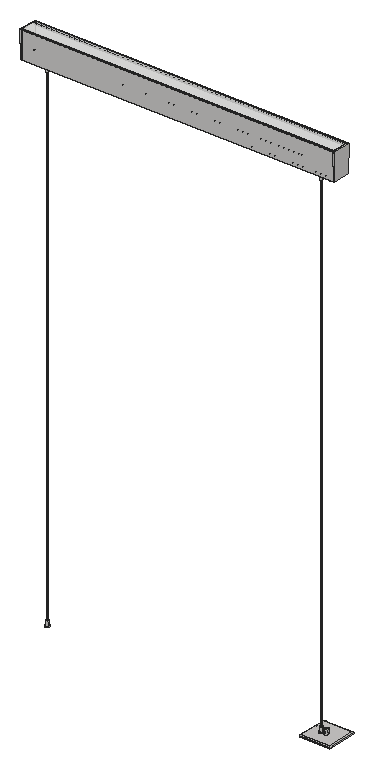
Revit family "CLighting-Luminii-Vesta_1_Direct-Indirect", category Lighting Fixtures, host Face, Revit 2020
Family settings
  Host = Face
  Round Connector Dimension = Use Diameter
  Part Type = Normal
  OmniClass Number = 23.80.70.11.14.17
  OmniClass Title = Direct/Indirect
  Cut with Voids When Loaded = No
  Light Source = Yes
  Shared = Yes
  Room Calculation Point = No
Parameters (values of type "45.5" (B)")
  Width = 2.56"  # constant formula
  Wattage Comments = "Direct (3.8W) - Indirect (3.9W)"
  Wattage = 3.8 W
  Warranty URL = "https://www.luminii.com/terms-conditions/"
  built-in parameter 1150110 = 1 (stored number, unit not read)
  Voltage Comments = "120V | 277V | 347V"  # constant formula
  Voltage = 120 V
  Version = "2020 - v1.0a"  # constant formula
  URL = "https://www.luminii.com/"
  built-in parameter 1114217 = 1 (stored number, unit not read)
  Tilt Angle = 90.00°  # constant formula
  built-in parameter 1150109 = 1 (stored number, unit not read)
  built-in parameter 1150134 = (empty or 0)
  built-in parameter 1150113 = 1 (stored number, unit not read)
  Support Phone = "224-699-9545"  # constant formula
  Support Email = "mailto:support@bimsmith.com"
  Right Feed Point [instance] = yes
  Right Cap [instance] = yes
  Product Page URL = "https://www.luminii.com/product/vesta-1/"
  Power Source Type = "Driver"  # constant formula
  Power Factor = 1
  Photometric Web File = "356-90-4-35-FB-XX-04-04.IES"
  Phase = 1
  Operating Temperature = "Consult Manufacturer Website for more Information"  # constant formula
  Number of Poles = if(and(or(Voltage = 120 V, Voltage = 277 V), Phase = 1), 1, if(and(or(Voltage = 208 V, Voltage = 240 V), Phase = 1), 2, if(and(or(Voltage = 208 V, Voltage = 240 V), Phase = 3), 3, if(and(Voltage > 300 V, Phase = 1), 2, if(and(Voltage > 400 V, Phase = 3), 3, 1)))))  # 1
  Mounting Method = "Ceiling Mount"  # constant formula
  Model = "Consult Manufacturer Website for more Information"  # constant formula
  Manufacturer Phone Number = "403-216-7043"  # constant formula
  Manufacturer Email = "mailto: info@sensolighting.com"
  Manufacturer Address = "302 50 Ave SE. Calgary, Alberta, T2G 2A9 Canada"  # constant formula
  Manufacturer = "Luminii"  # constant formula
  built-in parameter 1150105 = 51.407 (stored number, unit not read)
  Lumens = 646 lm
  Luminaire Type = "Pendant Linear LED system"  # constant formula
  built-in parameter 1150115 = 1 (stored number, unit not read)
  Load Classification = Lighting
  built-in parameter 1150137 = (empty or 0)
  built-in parameter 1150139 = (empty or 0)
  Lens Material = Plastic - Luminii - Frosted Lens
  Length Comments [instance] = "Perfomance based on 1\" Photometric Web File"  # constant formula
  Length = if(Constraints = 1, 23", if(Constraints = 2, 45 1/2", if(Constraints = 3, 68", if(Constraints = 4, 90 1/2", if(Constraints = 5, 113", if(Constraints = 6, 135 1/2", 23"))))))  # 45 1/2"
  Left Feed Point [instance] = no
  Left Cap [instance] = yes
  built-in parameter 1150112 = 1 (stored number, unit not read)
  built-in parameter 1150114 = 1 (stored number, unit not read)
  Lamp Life = 1
  Lamp = "LED"  # constant formula
  Keynote = "26 50 00"
  built-in parameter 1150132 = (empty or 0)
  built-in parameter 1150102 = (empty or 0)
  built-in parameter 1150107 = 3500 (stored number, unit not read)
  Initial Color Comments = "Perfomance based on 3500K Photometric Web File"  # constant formula
  built-in parameter 1150138 = (empty or 0)
  built-in parameter 1150106 = 0.51407 (stored number, unit not read)
  Housing Protection Rating = "Consult Manufacturer Website for more Information"  # constant formula
  Has Dimming = 1 = 1  # yes
  Has Battery Backup = 0 = 1  # no
  Frequency Comments = ""  # constant formula
  Frequency = 60 Hz
  Finish = Metal - Luminii - Silver Anodized Aluminum
  Environment = "Indoor"  # constant formula
  Emit from Rectangle Width = Length  # 45 1/2"
  Emit from Rectangle Length = Width  # 2.56"
  Emit Shape Visible in Rendering = no
  built-in parameter 1150104 = 15.794 (stored number, unit not read)
  Dimming Type = "Consult Manufacturer Website for more Information"  # constant formula
  Dimming Lamp Color Temperature Shift = <None>
  Description = "Suspended linear system"  # constant formula
  Depth = 4 59/64"  # constant formula
  Default Elevation = 0"  # constant formula
  Current Amps = 50 A
  Copyright = "©2023 Luminii"  # constant formula
  Control Zone = "Consult Manufacturer Website for more Information"  # constant formula
  Control Type = "Consult Manufacturer Website for more Information"  # constant formula
  Constraints = 2
  Color Filter = 16777215
  built-in parameter 1114216 [instance] = 0  # (empty or 0)
  Canopy Finish = Metal - Luminii - Silver Anodized Aluminum
  built-in parameter 1140040 [instance] = 1 = 1  # 1
  CCT = "3500K"
  C Right Cable [instance] = not(Right Feed Point)  # no
  C Middle Cable [instance] = Constraints > 4  # no
  C Length Mid = Length / 2  # 22 3/4"
  C Left Cable [instance] = not(Left Feed Point)  # yes
  Desired Cable Length [instance] = 72"  # constant formula
  built-in parameter 1114218 = 1 (stored number, unit not read)
  built-in parameter 1150133 = 10 (stored number, unit not read)
  Assembly Code = "D5020230"
  Apparent Load = Wattage / Power Factor  # 3.8 VA
  C Actual Cable Length [instance] = if(Desired Cable Length < 60", 60" - 0.684", if(Desired Cable Length > 120" - 0.684", 120" - 0.684", Desired Cable Length - 0.684"))  # 71.316"
Types (3): name | Wattage Comments | Wattage | Photometric Web File | built-in parameter 1150105 | Lumens | Length | built-in parameter 1150106 | Emit from Rectangle Width | Constraints | C Length Mid | Apparent Load
  45.5" (B) | "Direct (3.8W) - Indirect (3.9W)" | 3.8 W | "356-90-4-35-FB-XX-04-04.IES" | 51.407 (stored number, unit not read) | 646 lm | 45 1/2" | 0.51407 (stored number, unit not read) | 45 1/2" | 2 | 22 3/4" | 3.8 VA
  68" (C) | "Direct (5.7W) - Indirect (5.6W)" | 5.7 W | "356-90-4-35-FB-XX-04-06.IES" | 77.111 (stored number, unit not read) | 969 lm | 68" | 0.77111 (stored number, unit not read) | 68" | 3 | 34" | 5.7 VA
  90.5" (D) | "Direct (9.4W) - Indirect (7.4W)" | 9.4 W | "356-90-4-35-FB-XX-04-08.IES" | 127.16 (stored number, unit not read) | 1598 lm | 90 1/2" | 1.2716 (stored number, unit not read) | 90 1/2" | 4 | 45 1/4" | 9.4 VA
Reference planes (in)
  plane 1 "Center (Front/Back)": y = 0
  plane 2: z = 0
  plane 3 "Center (Left/Right)": x = 0
  plane 4: x = 45.25
  plane 5: x = -45.25
  plane 6: y = 1.28
  plane 7: y = -1.28
  plane 8 "A": z = 77.52072
  plane 9: z = 32.5616
  plane 10: z = 71.316
  plane 11: z = 72.0015
  plane 12: x = -22.75
  plane 13: x = 22.75
  plane 14: x = 19.98474
  plane 15: x = -19.98474
  plane 16 "B": z = 73.54527
Forms (in)
  Extrusion 1, solid, material "Metal - Luminii - Silver Anodized Aluminum", not visible
    sketch origin (0, 0, 0) x (1, 0, 0) y (0, 1, 0)
      loop
        circle (0, 0) r 0.5
    from 0 to -0.17225
Dimensions and locks (in)
  equal spacing: plane 5, plane 3 "Center (Left/Right)", plane 4
  equal spacing: plane 6, plane 1 "Center (Front/Back)", plane 7
  plane 5 to plane 4 = 90 1/2"
  "Width": plane 6 to plane 7
  "C Actual Cable Length": plane 10 to host face
  locked: plane 10 to plane 11 at 0.6855
  locked: plane 11 to plane 8 "A" at 5.51922
  equal spacing: plane 13, plane 3 "Center (Left/Right)", plane 12
  "Length": plane 13 to plane 12
  locked: plane 15 to plane 12 at 2.76526
  locked: plane 13 to plane 14 at 2.76526
  "C Length Mid": imposter light to plane 12
  locked: plane 8 "A" to plane 16 "B" at 3.97546
  aligned and locked: plane 2 to host face
  aligned and locked: plane 3 "Center (Left/Right)" to Extrusion 1 sketch curve
  aligned and locked: plane 1 "Center (Front/Back)" to Extrusion 1 sketch curve
  aligned and locked: plane 2 to Extrusion 1  (x2)
  aligned and locked: plane 1 "Center (Front/Back)" to nested 1
  aligned and locked: imposter light to plane 8 "A"
  aligned and locked: plane 1 "Center (Front/Back)" to nested 2
  aligned and locked: nested 3 to plane 15
  aligned and locked: nested 5 to plane 15
  aligned and locked: nested 2 to plane 14
  aligned and locked: nested 4 to plane 14
  aligned and locked: nested 1 to plane 12
  aligned and locked: plane 1 "Center (Front/Back)" to imposter light
  aligned and locked: plane 3 "Center (Left/Right)" to nested 6
  aligned and locked: nested 6 to plane 1 "Center (Front/Back)"
Automatic sketch dimensions
  host sketch curve to host sketch curve = 96"  (x2)
  radius of Extrusion 1 sketch curve = 1/2"
Nested families (in)
  nested 1: "Nested - Lamp" at (0, 0, 77.52072), type "Nested - Lamp"
  nested 2: "Nested - Hanging Wire B" at (19.98474, 0, 0), visible <- "Right Feed Point", type "Default"
    with Suspension Length 71.316"
  nested 3: "Nested - Hanging Wire B" at (-19.98474, 0, 0) x (-1, 0, 0) z (0, 0, 1), visible <- "Left Feed Point", type "Default"
    with Suspension Length 71.316"
  nested 4: "Nested - Hanging Wire A" at (19.98474, 0, 0), visible <- "C Right Cable", type "Default"
    with Suspension Length 71.316"
  nested 5: "Nested - Hanging Wire A" at (-19.98474, 0, 0) x (-1, 0, 0) z (0, 0, 1), visible <- "C Left Cable", type "Default"
    with Suspension Length 71.316"
  nested 6: "Nested - Light Source" at (0, 0, 73.54527), type "Default"
    with Wattage 3.8 W, Lumens 646 lm, Emit from Rectangle Width 2.56", Emit from Rectangle Length 45 1/2"
Connectors (in)
  electrical at (0, 0, 0), driven by "Number of Poles", driven by "Load Classification", driven by "Voltage", driven by "Apparent Load", driven by "Power Factor"
    settings: on Extrusion 1, index 1, voltage 120 V, apparent load 3.8 VA, apparent load phase1 0 VA, apparent load phase2 0 VA, apparent load phase3 0 VA, power factor 1, load classification "Lighting", number of poles 1, system type 30, power factor state 1, is connector primary yes, connector utility no, sub classification motor no, connector description "Power Connection"
Definition of nested family "Nested - Lamp"
  Parameters (values of type "Nested - Lamp")
    Short Module = Constraints < 5  # yes
    Screen Material = none
    Right Feed = yes
    Right Cap = yes
    Long Module = not(Short Module)  # no
    Length = if(Constraints = 1, 23", if(Constraints = 2, 45 1/2", if(Constraints = 3, 68", if(Constraints = 4, 90 1/2", if(Constraints = 5, 113", if(Constraints = 6, 135 1/2", 23"))))))  # 45 1/2"
    Left Feed = no
    Left Cap = yes
    Finish = none
    Default Elevation = 48"
    Constraints = 2
  Reference planes (in)
    plane 1 "Center (Front/Back)": y = 0
    plane 2: z = 0
    plane 3 "Center (Left/Right)": x = 0
    plane 4: x = 22.75
    plane 5: x = -22.75
    plane 6: x = 22.90625
    plane 7: x = -22.90625
  Forms (in)
    Extrusion 1, solid
      sketch origin (0, 0, 0) x (1, 0, 0) y (0, 1, 0)
        loop
          line (-48, 48) -> (-48, -48) -> (48, -48) -> (48, 48) -> (-48, 48)
      from 0 to -12
    Extrusion 2, solid, material <- "Finish", visible <- "Right Cap"
      sketch origin (0, 0, 0) x (0, 1, 0) y (0, 0, 1)
        loop
          line (1.20151, -3.97546) -> (1.28, 0) -> (-1.28, 0) -> (-1.20151, -3.97546) -> (1.20151, -3.97546)
      from 22.75 to 22.90625
    Extrusion 3, solid, material <- "Finish", visible <- "Left Cap"
      sketch origin (0, 0, 0) x (0, 1, 0) y (0, 0, -1)
        loop
          line (1.20151, 3.97546) -> (-1.20151, 3.97546) -> (-1.28, 0) -> (1.28, 0) -> (1.20151, 3.97546)
      from 22.75 to 22.90625
    Extrusion 4, solid, material <- "Finish", detail levels medium+fine
      sketch origin (0, 0, 0) x (0, 1, 0) y (0, 0, 1)
        loop
          line (-1.28, 0) -> (-1.20151, -3.97546) -> (-1.14173, -3.97546) -> (-1.14173, -3.88491) -> (-1.07874, -3.82191) -> (-1.07874, -3.63298) -> (-1.12992, -3.58179) -> (-1.12992, -3.42034) -> (-0.8937, -3.42034) -> (-0.8937, -3.58373) -> (-0.94488, -3.63491) -> (-0.94488, -3.82191) -> (-0.88973, -3.87707) -> (-0.84649, -3.87707) -> (-0.80713, -3.8377) -> (-0.80713, -3.79042) -> (-0.88583, -3.79042) -> (-0.88583, -3.67231) -> (-0.81143, -3.61525) -> (-0.84826, -3.2648) -> (-0.80695, -3.22349) -> (-0.51772, -3.22349) -> (-0.51772, -3.16443) -> (0.51772, -3.16443) -> (0.51772, -3.22349) -> (0.80695, -3.22349) -> (0.84826, -3.2648) -> (0.81143, -3.61525) -> (0.88583, -3.67231) -> (0.88583, -3.79042) -> (0.80713, -3.79042) -> (0.80713, -3.8377) -> (0.84649, -3.87707) -> (0.88973, -3.87707) -> (0.94488, -3.82191) -> (0.94488, -3.63491) -> (0.8937, -3.58373) -> (0.8937, -3.42034) -> (1.12992, -3.42034) -> (1.12992, -3.58179) -> (1.07874, -3.63298) -> (1.07874, -3.82191) -> (1.14173, -3.88491) -> (1.14173, -3.97546) -> (1.20151, -3.97546) -> (1.28, 0) -> (1.19685, 0) -> (1.19685, -0.09357) -> (1.10039, -0.09357) -> (1.05776, -0.1362) -> (1.0689, -0.19199) -> (1.21825, -0.19199) -> (1.15453, -3.34947) -> (0.94516, -3.34947) -> (0.84055, -2.85735) -> (-0.84055, -2.85735) -> (-0.94516, -3.34947) -> (-1.15453, -3.34947) -> (-1.21825, -0.19199) -> (-1.0689, -0.19199) -> (-1.05776, -0.1362) -> (-1.10039, -0.09357) -> (-1.19685, -0.09357) -> (-1.19685, 0) -> (-1.28, 0)
      from -22.75 to 22.75
    Extrusion 5, solid, material <- "Screen Material", detail levels medium+fine
      sketch origin (0, 0, 0) x (0, 1, 0) y (0, 0, 1)
        loop
          arc (-1.14173, -0.01483) -> (-1.16957, -0.02636) -> (-1.1811, -0.0542) r 0.03937
          line (-1.1811, -0.0542) -> (-1.1811, -0.09357) -> (-1.04331, -0.09357) -> (-1.04331, -0.16922) -> (-1.13498, -0.26089) -> (-1.03421, -0.36166) -> (-0.99802, -0.32547) -> (-1.0626, -0.26089) -> (-0.99213, -0.19042) -> (-0.99213, -0.09357) -> (0.99213, -0.09357) -> (0.99213, -0.19042) -> (1.0626, -0.26089) -> (0.99802, -0.32547) -> (1.03421, -0.36166) -> (1.13498, -0.26089) -> (1.04331, -0.16922) -> (1.04331, -0.09357) -> (1.1811, -0.09357) -> (1.1811, -0.0542)
          arc (1.1811, -0.0542) -> (1.16957, -0.02636) -> (1.14173, -0.01483) r 0.03937
          line (1.14173, -0.01483) -> (-1.14173, -0.01483)
      from -22.75 to 22.75
    Extrusion 6, solid, material <- "Finish", visible <- "Left Feed"
      sketch origin (0, 0, 0) x (0, 1, 0) y (0, 0, 1)
        loop
          line (0.83465, -3.86522) -> (0.79317, -3.82374) -> (0.80709, -3.77664) -> (0.88583, -3.77664) -> (0.88583, -3.67625) -> (0.81733, -3.67625) -> (0.71965, -3.78648) -> (-0.71965, -3.78648) -> (-0.81733, -3.67625) -> (-0.88583, -3.67625) -> (-0.88583, -3.77664) -> (-0.80709, -3.77664) -> (-0.79317, -3.82374) -> (-0.83465, -3.86522) -> (0.83465, -3.86522)
      from -22.75 to -19.60039
    Revolve 7, solid, material <- "Finish", visible <- "Left Feed"
      sketch origin (0, 0, 0) x (1, 0, 0) y (0, 0, 1)
        loop
          line (-21.19525, -4.71168) -> (-21.07676, -3.98333) -> (-21.07676, -3.86522) -> (-21.37222, -3.86522) -> (-21.37222, -4.71168) -> (-21.19525, -4.71168)
        axis (-21.37222, -3.86522) -> (-21.37222, -4.71168)
      angle from 0 to 360
    Revolve 8, solid, material <- "Finish", visible <- "Left Feed"
      sketch origin (0, 0, 0) x (1, 0, 0) y (0, 0, 1)
        loop
          line (-19.98474, -5.51922) -> (-19.88554, -5.51922) -> (-19.88554, -5.08522) -> (-19.79709, -5.08522) -> (-19.79709, -3.86522) -> (-19.98474, -3.86522) -> (-19.98474, -5.51922)
        axis (-19.98474, -3.86522) -> (-19.98474, -5.51922)
      angle from 0 to 360
    Extrusion 9, solid, material <- "Finish", visible <- "Right Feed"
      sketch origin (0, 0, 0) x (0, 1, 0) y (0, 0, -1)
        loop
          line (0.83465, 3.86522) -> (-0.83465, 3.86522) -> (-0.79317, 3.82374) -> (-0.80709, 3.77664) -> (-0.88583, 3.77664) -> (-0.88583, 3.67625) -> (-0.81733, 3.67625) -> (-0.71965, 3.78648) -> (0.71965, 3.78648) -> (0.81733, 3.67625) -> (0.88583, 3.67625) -> (0.88583, 3.77664) -> (0.80709, 3.77664) -> (0.79317, 3.82374) -> (0.83465, 3.86522)
      from -22.75 to -19.60039
    Revolve 10, solid, material <- "Finish", visible <- "Right Feed"
      sketch origin (0, 0, 0) x (-1, 0, 0) y (0, 0, 1)
        loop
          line (-21.19525, -4.71168) -> (-21.07676, -3.98333) -> (-21.07676, -3.86522) -> (-21.37222, -3.86522) -> (-21.37222, -4.71168) -> (-21.19525, -4.71168)
        axis (-21.37222, -3.86522) -> (-21.37222, -4.71168)
      angle from 0 to 360
    Revolve 11, solid, material <- "Finish", visible <- "Right Feed"
      sketch origin (0, 0, 0) x (-1, 0, 0) y (0, 0, 1)
        loop
          line (-19.98474, -5.51922) -> (-19.88554, -5.51922) -> (-19.88554, -5.08522) -> (-19.79709, -5.08522) -> (-19.79709, -3.86522) -> (-19.98474, -3.86522) -> (-19.98474, -5.51922)
        axis (-19.98474, -3.86522) -> (-19.98474, -5.51922)
      angle from 0 to 360
    Extrusion 12, solid, material <- "Finish", detail levels coarse
      sketch origin (0, 0, 0) x (0, 1, 0) y (0, 0, 1)
        loop
          line (0.81143, -3.16443) -> (0.81143, -3.61525) -> (0.88583, -3.67231) -> (0.88583, -3.79042) -> (0.80713, -3.79042) -> (0.80713, -3.8377) -> (0.84649, -3.87707) -> (1.14173, -3.87707) -> (1.14173, -3.97546) -> (1.20151, -3.97546) -> (1.28, 0) -> (1.19685, 0) -> (1.19685, -0.09357) -> (1.0689, -0.09357) -> (1.0689, -0.19199) -> (1.21825, -0.19199) -> (1.16446, -2.85735) -> (-1.16446, -2.85735) -> (-1.21825, -0.19199) -> (-1.0689, -0.19199) -> (-1.0689, -0.09357) -> (-1.19685, -0.09357) -> (-1.19685, 0) -> (-1.28, 0) -> (-1.20151, -3.97546) -> (-1.14173, -3.97546) -> (-1.14173, -3.87707) -> (-0.84649, -3.87707) -> (-0.80713, -3.8377) -> (-0.80713, -3.79042) -> (-0.88583, -3.79042) -> (-0.88583, -3.67231) -> (-0.81143, -3.61525) -> (-0.81143, -3.16443) -> (0.81143, -3.16443)
      from -22.75 to 22.75
    Extrusion 13, solid, material <- "Screen Material", detail levels coarse
      sketch origin (0, 0, 0) x (0, 1, 0) y (0, 0, 1)
        loop
          line (-1.1811, -0.01483) -> (-1.1811, -0.09357) -> (1.1811, -0.09357) -> (1.1811, -0.01483) -> (-1.1811, -0.01483)
      from -22.75 to 22.75
    Extrusion 14, solid, material <- "Screen Material", visible <- "Short Module"
      sketch origin (0, 0, 0) x (0, 1, 0) y (0, 0, 1)
        loop
          line (-0.86614, -3.65656) -> (-0.86614, -3.78156) -> (0.86614, -3.78156) -> (0.86614, -3.65656) -> (-0.86614, -3.65656)
      from -19.59375 to 19.59375
    Extrusion 15, solid, material <- "Screen Material", visible <- "Long Module"
      sketch origin (0, 0, 0) x (0, 1, 0) y (0, 0, 1)
        loop
          line (-0.86614, -3.65656) -> (-0.86614, -3.78156) -> (0.86614, -3.78156) -> (0.86614, -3.65656) -> (-0.86614, -3.65656)
      from -19.59375 to -2.76526
    Extrusion 16, solid, material <- "Screen Material", visible <- "Long Module"
      sketch origin (0, 0, 0) x (0, 1, 0) y (0, 0, 1)
        loop
          line (-0.86614, -3.65656) -> (-0.86614, -3.78156) -> (0.86614, -3.78156) -> (0.86614, -3.65656) -> (-0.86614, -3.65656)
      from 19.59375 to 0.38435
  Dimensions and locks (in)
    locked: plane 7 to plane 5 at 0.15625
    locked: plane 4 to plane 6 at 0.15625
    equal spacing: plane 5, plane 3 "Center (Left/Right)", plane 4
    "Length": plane 5 to plane 4
    locked: plane 5 to Revolve 7 sketch curve at 1.37778
    plane 5 to Revolve 7 sketch curve to Revolve 7 sketch curve to Revolve 7 sketch curve = 1.37778" locked, 0.17696" locked, 0.11849" locked
    locked: plane 5 to Revolve 8 sketch curve at 2.76526
    plane 5 to Revolve 8 sketch curve to Revolve 8 sketch curve to Revolve 8 sketch curve = 2.76526" locked, 0.0992" locked, 0.08844" locked
    locked: plane 5 to Extrusion 6 at 3.14961
    locked: plane 4 to Revolve 10 sketch curve at 1.37778
    plane 4 to Revolve 10 sketch curve to Revolve 10 sketch curve to Revolve 10 sketch curve = 1.37778" locked, 0.17696" locked, 0.11849" locked
    locked: plane 4 to Revolve 11 sketch curve at 2.76526
    plane 4 to Revolve 11 sketch curve to Revolve 11 sketch curve to Revolve 11 sketch curve = 2.76526" locked, 0.0992" locked, 0.08844" locked
    locked: plane 4 to Extrusion 9 at 3.14961
    locked: plane 4 to Extrusion 14 at 3.15625
    locked: plane 5 to Extrusion 14 at 3.15625
    locked: plane 5 to Extrusion 15 at 3.15625
    locked: plane 3 "Center (Left/Right)" to Extrusion 15 at 2.76526
    locked: Extrusion 16 to plane 3 "Center (Left/Right)" at 0.38435
    locked: plane 4 to Extrusion 16 at 3.15625
    aligned and locked: plane 2 to Extrusion 1
    aligned and locked: level to Extrusion 1
    aligned and locked: Extrusion 2 to plane 4
    aligned and locked: plane 6 to Extrusion 2
    aligned and locked: Extrusion 3 to plane 7
    aligned and locked: plane 4 to Extrusion 4
    aligned and locked: plane 5 to Extrusion 4
    aligned and locked: plane 4 to Extrusion 5
    aligned and locked: plane 5 to Extrusion 5
    aligned and locked: plane 5 to Extrusion 6
    aligned and locked: plane 4 to Extrusion 9
    aligned and locked: plane 4 to Extrusion 13
    aligned and locked: plane 5 to Extrusion 13
    aligned and locked: plane 5 to Extrusion 12
    aligned and locked: plane 4 to Extrusion 12
    aligned and locked: Extrusion 3 to plane 5
  Automatic sketch dimensions
    Extrusion 1 sketch curve to Extrusion 1 sketch curve = 96"  (x2)
    Extrusion 2 sketch curve to level = 0"
    plane 1 "Center (Front/Back)" to Extrusion 2 sketch curve = 1.28"
    plane 1 "Center (Front/Back)" to Extrusion 2 sketch curve = 1.20151"
    Extrusion 2 sketch curve to plane 1 "Center (Front/Back)" = 1.20151"
    Extrusion 2 sketch curve to plane 1 "Center (Front/Back)" = 1.28"
    Extrusion 2 sketch curve to level = 3.97546"
    Extrusion 3 sketch curve to level = 0"
    plane 1 "Center (Front/Back)" to Extrusion 3 sketch curve = 1.28"
    plane 1 "Center (Front/Back)" to Extrusion 3 sketch curve = 1.20151"
    Extrusion 3 sketch curve to plane 1 "Center (Front/Back)" = 1.20151"
    Extrusion 3 sketch curve to plane 1 "Center (Front/Back)" = 1.28"
    Extrusion 3 sketch curve to level = 3.97546"
    Extrusion 4 sketch curve to level = 0"  (x2)
    plane 1 "Center (Front/Back)" to Extrusion 4 sketch curve = 1.28"
    Extrusion 4 sketch curve to Extrusion 4 sketch curve = 0.06175"
    plane 1 "Center (Front/Back)" to Extrusion 4 sketch curve = 1.20151"
    Extrusion 4 sketch curve to Extrusion 4 sketch curve = 0.0214"  (x2)
    Extrusion 4 sketch curve to Extrusion 4 sketch curve = 0.04698"
    Extrusion 4 sketch curve to Extrusion 4 sketch curve = 0.05978"  (x2)
    Extrusion 4 sketch curve to Extrusion 4 sketch curve = 0.0246"  (x2)
    Extrusion 4 sketch curve to Extrusion 4 sketch curve = 0"  (x11)
    Extrusion 4 sketch curve to Extrusion 4 sketch curve = 0.09646"  (x2)
    Extrusion 4 sketch curve to Extrusion 4 sketch curve = 0.05118"  (x7)
    Extrusion 4 sketch curve to Extrusion 4 sketch curve = 0.06299"  (x4)
    Extrusion 4 sketch curve to Extrusion 4 sketch curve = 0.0315"  (x3)
    Extrusion 4 sketch curve to level = 0.1362"  (x2)
    Extrusion 4 sketch curve to Extrusion 4 sketch curve = 0.01114"  (x2)
    Extrusion 4 sketch curve to Extrusion 4 sketch curve = 0.18477"
    Extrusion 4 sketch curve to Extrusion 4 sketch curve = 0.13386"  (x4)
    Extrusion 4 sketch curve to Extrusion 4 sketch curve = 0.05146"  (x2)
    Extrusion 4 sketch curve to Extrusion 4 sketch curve = 0.05515"  (x2)
    Extrusion 4 sketch curve to Extrusion 4 sketch curve = 0.05906"  (x6)
    Extrusion 4 sketch curve to Extrusion 4 sketch curve = 0.09689"
    Extrusion 4 sketch curve to Extrusion 4 sketch curve = 0.04324"  (x2)
    Extrusion 4 sketch curve to Extrusion 4 sketch curve = 0.00771"
    Extrusion 4 sketch curve to Extrusion 4 sketch curve = 0.08227"  (x2)
    Extrusion 4 sketch curve to Extrusion 4 sketch curve = 0.03936"  (x3)
    Extrusion 4 sketch curve to Extrusion 4 sketch curve = 0.04131"  (x4)
    Extrusion 4 sketch curve to Extrusion 4 sketch curve = 0.28923"  (x2)
    Extrusion 4 sketch curve to plane 1 "Center (Front/Back)" = 0.51772"
    Extrusion 4 sketch curve to Extrusion 4 sketch curve = 0.00018"
    Extrusion 4 sketch curve to Extrusion 4 sketch curve = 0.0043"
    Extrusion 4 sketch curve to Extrusion 4 sketch curve = 0.0336"
    Extrusion 4 sketch curve to Extrusion 4 sketch curve = 0.0787"
    Extrusion 4 sketch curve to Extrusion 4 sketch curve = 0.0744"
    Extrusion 4 sketch curve to Extrusion 4 sketch curve = 0.04544"
    Extrusion 4 sketch curve to plane 1 "Center (Front/Back)" = 1.05776"
    Extrusion 4 sketch curve to Extrusion 4 sketch curve = 0.04263"  (x3)
    Extrusion 4 sketch curve to Extrusion 4 sketch curve = 0.08315"
    Extrusion 4 sketch curve to Extrusion 4 sketch curve = 0.05579"  (x2)
    Extrusion 4 sketch curve to Extrusion 4 sketch curve = 2.66535"
    Extrusion 4 sketch curve to Extrusion 4 sketch curve = 0.30709"  (x2)
    Extrusion 4 sketch curve to Extrusion 4 sketch curve = 0.08467"  (x2)
    Extrusion 4 sketch curve to Extrusion 4 sketch curve = 0.07087"  (x4)
    Extrusion 4 sketch curve to Extrusion 4 sketch curve = 0.16145"  (x2)
    Extrusion 4 sketch curve to Extrusion 4 sketch curve = 0.16339"  (x2)
    Extrusion 4 sketch curve to Extrusion 4 sketch curve = 0.03152"  (x2)
    Extrusion 4 sketch curve to Extrusion 4 sketch curve = 0.0374"  (x2)
    Extrusion 4 sketch curve to Extrusion 4 sketch curve = 0.11811"  (x2)
    Extrusion 4 sketch curve to Extrusion 4 sketch curve = 0.04728"  (x2)
    Extrusion 4 sketch curve to Extrusion 4 sketch curve = 0.09055"  (x2)
    Extrusion 4 sketch curve to Extrusion 4 sketch curve = 0.09357"
    Extrusion 4 sketch curve to level = 0.09357"
    Extrusion 5 sketch curve to level = 0.09357"  (x2)
    plane 1 "Center (Front/Back)" to Extrusion 5 sketch curve = 1.1811"
    Extrusion 5 sketch curve to Extrusion 5 sketch curve = 0.03937"  (x3)
    Extrusion 5 sketch curve to level = 0.01483"  (x2)
    Extrusion 5 sketch curve to Extrusion 5 sketch curve = 0"  (x5)
    Extrusion 5 sketch curve to level = 0.26089"  (x4)
    Extrusion 5 sketch curve to Extrusion 5 sketch curve = 0.04612"
    Extrusion 5 sketch curve to Extrusion 5 sketch curve = 0.07238"  (x2)
    Extrusion 5 sketch curve to Extrusion 5 sketch curve = 0.09843"  (x2)
    Extrusion 5 sketch curve to level = 0.36166"  (x2)
    Extrusion 5 sketch curve to Extrusion 5 sketch curve = 0.02839"
    Extrusion 5 sketch curve to level = 0.32547"  (x2)
    Extrusion 5 sketch curve to Extrusion 5 sketch curve = 0.03619"  (x2)
    Extrusion 5 sketch curve to Extrusion 5 sketch curve = 0.05118"  (x2)
    Extrusion 5 sketch curve to plane 1 "Center (Front/Back)" = 0.99213"
    Extrusion 5 sketch curve to Extrusion 5 sketch curve = 0.00589"
    Extrusion 5 sketch curve to Extrusion 5 sketch curve = 0.06458"
    plane 1 "Center (Front/Back)" to Extrusion 6 sketch curve = 0.88583"
    Extrusion 6 sketch curve to Extrusion 6 sketch curve = 0.05118"
    Extrusion 6 sketch curve to Extrusion 6 sketch curve = 0.06849"
    Extrusion 6 sketch curve to Extrusion 6 sketch curve = 0.07874"  (x2)
    Extrusion 6 sketch curve to Extrusion 6 sketch curve = 0.01392"  (x2)
    Extrusion 6 sketch curve to Extrusion 6 sketch curve = 0.07352"  (x2)
    Extrusion 6 sketch curve to plane 1 "Center (Front/Back)" = 0.71965"
    Extrusion 6 sketch curve to Extrusion 6 sketch curve = 0.01025"
    Extrusion 6 sketch curve to Extrusion 6 sketch curve = 0.04148"  (x3)
    Extrusion 6 sketch curve to level = 3.86522"
    Extrusion 6 sketch curve to Extrusion 6 sketch curve = 0.03726"
    Extrusion 6 sketch curve to Extrusion 6 sketch curve = 0.0471"
    Extrusion 6 sketch curve to Extrusion 6 sketch curve = 0.08858"
    Extrusion 6 sketch curve to Extrusion 6 sketch curve = 0.10039"  (x2)
    Revolve 7 sketch curve to level = 4.71168"
    Revolve 7 sketch curve to Revolve 7 sketch curve = 0.72835"
    Revolve 7 sketch curve to Revolve 7 sketch curve = 0.11811"
    Revolve 7 sketch curve to Revolve 7 sketch curve = 0.17075"
    Revolve 7 sketch curve to Revolve 7 sketch curve = 0"
    Revolve 8 sketch curve to level = 5.51922"
    Revolve 8 sketch curve to Revolve 8 sketch curve = 0.434"
    Revolve 8 sketch curve to Revolve 8 sketch curve = 1.22"
    Revolve 8 sketch curve to Revolve 8 sketch curve = 0.33256"
    Revolve 8 sketch curve to Revolve 8 sketch curve = 0"
    plane 1 "Center (Front/Back)" to Extrusion 9 sketch curve = 0.88583"
    Extrusion 9 sketch curve to Extrusion 9 sketch curve = 0.05118"
    Extrusion 9 sketch curve to Extrusion 9 sketch curve = 0.06849"
    Extrusion 9 sketch curve to Extrusion 9 sketch curve = 0.07874"  (x2)
    Extrusion 9 sketch curve to Extrusion 9 sketch curve = 0.01392"  (x2)
    Extrusion 9 sketch curve to Extrusion 9 sketch curve = 0.07352"  (x2)
    Extrusion 9 sketch curve to plane 1 "Center (Front/Back)" = 0.71965"
    Extrusion 9 sketch curve to Extrusion 9 sketch curve = 0.01025"
    Extrusion 9 sketch curve to Extrusion 9 sketch curve = 0.04148"  (x2)
    Extrusion 9 sketch curve to level = 3.67625"
    Extrusion 9 sketch curve to Extrusion 9 sketch curve = 0"
    Extrusion 9 sketch curve to Extrusion 9 sketch curve = 0.10039"  (x2)
    Extrusion 9 sketch curve to Extrusion 9 sketch curve = 0.00984"
    Extrusion 9 sketch curve to Extrusion 9 sketch curve = 0.0471"  (x2)
    level to Revolve 10 sketch curve = 4.71168"
    Revolve 10 sketch curve to Revolve 10 sketch curve = 0.72835"
    Revolve 10 sketch curve to Revolve 10 sketch curve = 0.11811"
    Revolve 10 sketch curve to Revolve 10 sketch curve = 0.17075"
    Revolve 10 sketch curve to Revolve 10 sketch curve = 0"
    level to Revolve 11 sketch curve = 5.51922"
    Revolve 11 sketch curve to Revolve 11 sketch curve = 0.434"
    Revolve 11 sketch curve to Revolve 11 sketch curve = 1.22"
    Revolve 11 sketch curve to Revolve 11 sketch curve = 0.33256"
    Revolve 11 sketch curve to Revolve 11 sketch curve = 0"
    Extrusion 12 sketch curve to level = 0"  (x2)
    plane 1 "Center (Front/Back)" to Extrusion 12 sketch curve = 1.28"
    Extrusion 12 sketch curve to Extrusion 12 sketch curve = 0.06175"
    plane 1 "Center (Front/Back)" to Extrusion 12 sketch curve = 1.20151"
    Extrusion 12 sketch curve to Extrusion 12 sketch curve = 0.0214"  (x2)
    Extrusion 12 sketch curve to Extrusion 12 sketch curve = 0.03705"
    Extrusion 12 sketch curve to Extrusion 12 sketch curve = 0.05978"  (x2)
    Extrusion 12 sketch curve to Extrusion 12 sketch curve = 0.14935"
    Extrusion 12 sketch curve to Extrusion 12 sketch curve = 0.25591"  (x2)
    Extrusion 12 sketch curve to Extrusion 12 sketch curve = 0"  (x4)
    Extrusion 12 sketch curve to Extrusion 12 sketch curve = 0.03934"
    Extrusion 12 sketch curve to Extrusion 12 sketch curve = 0.0744"  (x2)
    Extrusion 12 sketch curve to Extrusion 12 sketch curve = 0.0787"  (x2)
    Extrusion 12 sketch curve to plane 1 "Center (Front/Back)" = 0.80713"
    Extrusion 12 sketch curve to Extrusion 12 sketch curve = 0.0043"
    Extrusion 12 sketch curve to Extrusion 12 sketch curve = 0.03936"  (x3)
    Extrusion 12 sketch curve to level = 0.19199"  (x2)
    Extrusion 12 sketch curve to plane 1 "Center (Front/Back)" = 1.0689"
    Extrusion 12 sketch curve to Extrusion 12 sketch curve = 0.35303"
    Extrusion 12 sketch curve to Extrusion 12 sketch curve = 0.12795"
    Extrusion 12 sketch curve to Extrusion 12 sketch curve = 0.08315"
    Extrusion 12 sketch curve to Extrusion 12 sketch curve = 2.66535"
    Extrusion 12 sketch curve to Extrusion 12 sketch curve = 0.30709"  (x2)
    Extrusion 12 sketch curve to Extrusion 12 sketch curve = 0.45082"
    Extrusion 12 sketch curve to Extrusion 12 sketch curve = 0.45081"
    Extrusion 12 sketch curve to Extrusion 12 sketch curve = 0.05706"  (x2)
    Extrusion 12 sketch curve to Extrusion 12 sketch curve = 0.11811"  (x2)
    Extrusion 12 sketch curve to Extrusion 12 sketch curve = 0.04728"  (x2)
    Extrusion 12 sketch curve to Extrusion 12 sketch curve = 0.09839"  (x2)
    Extrusion 12 sketch curve to level = 0.09357"  (x3)
    Extrusion 12 sketch curve to Extrusion 12 sketch curve = 0.09357"
    Extrusion 13 sketch curve to level = 0.09357"
    plane 1 "Center (Front/Back)" to Extrusion 13 sketch curve = 1.1811"
    Extrusion 13 sketch curve to plane 1 "Center (Front/Back)" = 1.1811"
    Extrusion 13 sketch curve to level = 0.01483"  (x2)
    plane 1 "Center (Front/Back)" to Extrusion 14 sketch curve = 0.86614"
    Extrusion 14 sketch curve to plane 1 "Center (Front/Back)" = 0.86614"
    Extrusion 14 sketch curve to level = 3.78156"
    Extrusion 14 sketch curve to Extrusion 14 sketch curve = 1/8"
    plane 1 "Center (Front/Back)" to Extrusion 15 sketch curve = 0.86614"
    Extrusion 15 sketch curve to plane 1 "Center (Front/Back)" = 0.86614"
    Extrusion 15 sketch curve to level = 3.78156"
    Extrusion 15 sketch curve to Extrusion 15 sketch curve = 1/8"
    plane 1 "Center (Front/Back)" to Extrusion 16 sketch curve = 0.86614"
    Extrusion 16 sketch curve to plane 1 "Center (Front/Back)" = 0.86614"
    Extrusion 16 sketch curve to level = 3.78156"
    Extrusion 16 sketch curve to Extrusion 16 sketch curve = 1/8"
Definition of nested family "Nested - Hanging Wire B"
  Parameters (values of type "Default")
    Suspension Length = 94 43/256"
    Finish = none
    Default Elevation = 48"
  Reference planes (in)
    plane 1 "Center (Front/Back)": y = 0
    plane 2: z = 0
    plane 3 "Center (Left/Right)": x = 0
    plane 4: x = 0.02471
  Forms (in)
    Extrusion 1, solid
      sketch origin (0, 0, 0) x (1, 0, 0) y (0, 1, 0)
        loop
          line (-48, 48) -> (-48, -48) -> (48, -48) -> (48, 48) -> (-48, 48)
      from 0 to -12
    Revolve 2, solid, material <- "Finish"
      sketch origin (0, 0, 0) x (1, 0, 0) y (0, 0, 1)
        loop
          line (0, 0.2) -> (0, 0.8275) -> (-0.19748, 0.8275) -> (-0.19748, 0.258) -> (-0.31506, 0.258) -> (-0.31506, 0.2) -> (0, 0.2)
        axis (0, 0.8275) -> (0, 0.2)
      angle from 0 to 360
    Extrusion 3, solid, material <- "Finish"
      sketch origin (0, 0, 0) x (1, 0, 0) y (0, 1, 0)
        loop
          circle (0, 0) r 0.03074
      from 0.8275 to 94.85347
    Sweep 4, solid, material <- "Finish", detail levels fine
      path origin (0, 0, 0) x (1, 0, 0) y (0, 1, 0)
        loop
          line (-1.425, -2.175) -> (2.925, -2.175) -> (2.925, 2.175) -> (-1.425, 2.175) -> (-1.425, -2.175)
      profile origin (-1.425, 0, 0) x (-1, 0, 0) y (0, 0, 1)
        loop
          line (-0.0641, 0.1359) -> (-0.0641, 0) -> (0, 0) -> (0, 0.1109)
          arc (0, 0.1109) -> (-0.0261, 0.1739) -> (-0.0891, 0.2) r 0.0891
          line (-0.0891, 0.2) -> (-0.15251, 0.2) -> (-0.15251, 0.1359) -> (-0.0641, 0.1359)
    Revolve 5, solid, material <- "Finish", detail levels fine
      sketch origin (0, 0, 0) x (1, 0, 0) y (0, 0, 1)
        loop
          line (1.005, 0.87) -> (0.8967, 0.87) -> (0.8967, 0.2) -> (1.005, 0.2) -> (1.005, 0.87)
        axis (0.75, 0.2) -> (0.75, 0.87)
      angle from 0 to 360
    Extrusion 6, solid, material <- "Finish", detail levels fine
      sketch origin (1.04622, 0, 0.6825) x (0, 1, 0) y (0, 0, 1)
        loop
          circle (0, 0) r 0.11922
        loop
          line (-0.075, 0.026) -> (-0.075, -0.026) -> (0.075, -0.026) -> (0.075, 0.026) -> (-0.075, 0.026)
      from -0.08827 to 0
    Extrusion 7, solid, material <- "Finish", detail levels fine
      sketch origin (0, 0, 0) x (1, 0, 0) y (0, 1, 0)
        loop
          line (-1.27249, -2.02249) -> (2.77249, -2.02249) -> (2.77249, 2.02249) -> (-1.27249, 2.02249) -> (-1.27249, -2.02249)
      from 0.1359 to 0.2
    Extrusion 8, solid, material <- "Finish", detail levels coarse
      sketch origin (0, 0, 0) x (1, 0, 0) y (0, 1, 0)
        loop
          line (2.92619, -2.17622) -> (2.92619, 2.175) -> (-1.425, 2.175) -> (-1.425, -2.17622) -> (2.92619, -2.17622)
      from 0 to 0.2
  Cuts and joins
    joined: Sweep 4, Extrusion 7
    joined: Revolve 5, Extrusion 6
  Lines and regions (in)
    reference lines
      curve 1: line (-0.41488, 0, 0.8275) -> (0.54788, 0, 0.8275)
      curve 2: line (-6.46648, 0, 94.99547) -> (8.03352, 0, 94.99547)
      curve 3: line (0, 2.19112, 94.85347) -> (0, -1.97218, 94.85347)
      curve 4: line (0, -1.63838, 0.6855) -> (0, 1.61162, 0.6855)
  Dimensions and locks (in)
    "Suspension Length": curve 2 to curve 1
    "Suspension Length": curve 3 to curve 4
    aligned and locked: plane 2 to Extrusion 1
    aligned and locked: level to Extrusion 1
    aligned and locked: curve 1 to Extrusion 3
    aligned and locked: Extrusion 3 to curve 3
  Automatic sketch dimensions
    Extrusion 1 sketch curve to Extrusion 1 sketch curve = 96"  (x2)
    plane 1 "Center (Front/Back)" to Extrusion 3 sketch curve = 0"
    Extrusion 3 sketch curve to plane 3 "Center (Left/Right)" = 0"
    Revolve 2 sketch curve to plane 3 "Center (Left/Right)" = 0"  (x2)
    Revolve 2 sketch curve to Revolve 2 sketch curve = 0.19748"
    Revolve 2 sketch curve to Revolve 2 sketch curve = 0.11758"
    level to Revolve 2 sketch curve = 0.2"
    Revolve 2 sketch curve to Revolve 2 sketch curve = 0.058"
    Revolve 2 sketch curve to Revolve 2 sketch curve = 0.5695"
    Revolve 2 sketch curve to level = 24"
    Revolve 2 sketch curve to Revolve 2 sketch curve = 101.89132"
    Sweep 4 sketch curve to plane 3 "Center (Left/Right)" = 1.425"
    plane 1 "Center (Front/Back)" to Sweep 4 sketch curve = 2.175"
    plane 4 to Sweep 4 sketch curve = 2.90029"
    Sweep 4 sketch curve to plane 1 "Center (Front/Back)" = 2.175"
    Sweep 4 sketch curve to level = 0"
    Sweep 4 sketch curve to profile plane = 0"
    profile plane to Sweep 4 sketch curve = 0.0641"
    Sweep 4 sketch curve to Sweep 4 sketch curve = 0.025"
    Sweep 4 sketch curve to Sweep 4 sketch curve = 0.06341"
    level to Sweep 4 sketch curve = 0.1109"
    Sweep 4 sketch curve to Sweep 4 sketch curve = 0.0641"
    plane 4 to Revolve 5 sketch curve = 0.87198"
    Revolve 5 sketch curve to Revolve 5 sketch curve = 0.1083"
    level to Revolve 5 sketch curve = 0.2"
    Revolve 5 sketch curve to Revolve 5 sketch curve = 0.67"
    Revolve 5 sketch curve to Revolve 5 sketch curve = 0.1467"
    Revolve 5 sketch curve to Revolve 5 sketch curve = 0"
    Revolve 5 sketch curve to Revolve 5 sketch curve = 0.15134"
    Extrusion 6 sketch curve to plane 1 "Center (Front/Back)" = 0"
    plane 1 "Center (Front/Back)" to Extrusion 6 sketch curve = 0.075"
    Extrusion 6 sketch curve to plane 1 "Center (Front/Back)" = 0.075"
    level to Extrusion 6 sketch curve = 0.6565"
    Extrusion 6 sketch curve to Extrusion 6 sketch curve = 0.026"
    Extrusion 6 sketch curve to Extrusion 6 sketch curve = 0.052"
    Extrusion 7 sketch curve to plane 3 "Center (Left/Right)" = 1.27249"
    plane 4 to Extrusion 7 sketch curve = 2.74778"
    plane 1 "Center (Front/Back)" to Extrusion 7 sketch curve = 2.02249"
    Extrusion 7 sketch curve to plane 1 "Center (Front/Back)" = 2.02249"
    Extrusion 8 sketch curve to plane 3 "Center (Left/Right)" = 1.425"
    plane 4 to Extrusion 8 sketch curve = 2.90147"
    plane 1 "Center (Front/Back)" to Extrusion 8 sketch curve = 2.17622"
    Extrusion 8 sketch curve to plane 1 "Center (Front/Back)" = 2.175"
    curve 2 to plane 3 "Center (Left/Right)" = 6.46648"
    level to curve 1 = 0.8275"
    curve 1 to plane 3 "Center (Left/Right)" = 0.41488"
    plane 4 to curve 1 = 0.52316"
    plane 4 to curve 2 = 8.00881"
    plane 1 "Center (Front/Back)" to curve 3 = 1.97218"
    level to curve 4 = 0.6855"
    plane 1 "Center (Front/Back)" to curve 4 = 1.63838"
    curve 4 to plane 1 "Center (Front/Back)" = 1.61162"
    curve 3 to plane 1 "Center (Front/Back)" = 2.19112"
    radius of Extrusion 3 sketch curve = 0.03074"
    radius of Extrusion 6 sketch curve = 0.11922"
Definition of nested family "Nested - Hanging Wire A"
  Parameters (values of type "Default")
    Suspension Length = 59.316"
    Finish = none
    Default Elevation = 48"
  Reference planes (in)
    plane 1 "Center (Front/Back)": y = 0
    plane 2: z = 0
    plane 3 "Center (Left/Right)": x = 0
  Forms (in)
    Extrusion 1, solid
      sketch origin (0, 0, 0) x (1, 0, 0) y (0, 1, 0)
        loop
          line (-48, 48) -> (-48, -48) -> (48, -48) -> (48, 48) -> (-48, 48)
      from 0 to -12
    Revolve 2, solid, material <- "Finish"
      sketch origin (0, 0, 0) x (1, 0, 0) y (0, 0, 1)
        loop
          line (0, 0) -> (0, 0.6855) -> (-0.19748, 0.6855) -> (-0.19748, 0.058) -> (-0.31506, 0.058) -> (-0.31506, 0) -> (0, 0)
        axis (0, 0.6855) -> (0, 0)
      angle from 0 to 360
    Extrusion 3, solid, material <- "Finish"
      sketch origin (0, 0, 0) x (1, 0, 0) y (0, 1, 0)
        loop
          circle (0, 0) r 0.03074
      from 0.6855 to 60.0015
    Extrusion 4, solid, material <- "Finish"
      sketch origin (0, 2.25497, 60.0015) x (0, -1, 0) y (0, 0, -1)
        loop
          line (1.42033, -1.654) -> (1.46181, -1.69548) -> (1.44789, -1.74258) -> (1.36915, -1.74258) -> (1.36915, -1.84298) -> (1.43764, -1.84298) -> (1.53532, -1.73274) -> (2.97463, -1.73274) -> (3.07231, -1.84298) -> (3.1408, -1.84298) -> (3.1408, -1.74258) -> (3.06206, -1.74258) -> (3.04814, -1.69548) -> (3.08962, -1.654) -> (1.42033, -1.654)
      from -0.38435 to 2.76526
    Revolve 5, solid, material <- "Finish"
      sketch origin (19.98474, 0, 65.52072) x (1, 0, 0) y (0, 0, 1)
        loop
          line (-19.98474, -5.51922) -> (-19.88554, -5.51922) -> (-19.88554, -5.08522) -> (-19.79709, -5.08522) -> (-19.79709, -3.86522) -> (-19.98474, -3.86522) -> (-19.98474, -5.51922)
        axis (-19.98474, -3.86522) -> (-19.98474, -5.51922)
      angle from 0 to 360
  Lines and regions (in)
    reference lines
      curve 1: line (-0.41488, 0, 0.6855) -> (0.54788, 0, 0.6855)
      curve 2: line (-6.46648, 0, 60.0015) -> (8.03352, 0, 60.0015)
      curve 3: line (0, 2.25497, 60.0015) -> (0, -1.90833, 60.0015)
      curve 4: line (0, -1.63838, 0.6855) -> (0, 1.61162, 0.6855)
    model lines
      curve 5: line (0, 0, 60.0015) -> (0, 0, 59.0015)
  Dimensions and locks (in)
    locked: curve 1 to level at 0.6855
    "Suspension Length": curve 2 to curve 1
    locked: curve 4 to Extrusion 1 at 0.6855
    "Suspension Length": curve 3 to curve 4
    curve 2 to Revolve 5 sketch curve to Revolve 5 sketch curve = 0.434" locked, 1.22" locked
    aligned and locked: plane 2 to Extrusion 1
    aligned and locked: level to Extrusion 1
    aligned and locked: curve 1 to Extrusion 3
    aligned and locked: Extrusion 3 to curve 2
    aligned and locked: curve 2 to Revolve 5 sketch curve
  Automatic sketch dimensions
    Extrusion 1 sketch curve to Extrusion 1 sketch curve = 96"  (x2)
    Revolve 2 sketch curve to level = 0"
    Revolve 2 sketch curve to plane 3 "Center (Left/Right)" = 0"  (x2)
    Revolve 2 sketch curve to Revolve 2 sketch curve = 0.19748"
    level to Revolve 2 sketch curve = 0.058"
    Revolve 2 sketch curve to Revolve 2 sketch curve = 0.11758"
    Revolve 2 sketch curve to Revolve 2 sketch curve = 0.62751"
    Revolve 2 sketch curve to level = 24"
    Revolve 2 sketch curve to Revolve 2 sketch curve = 102.03332"
    plane 1 "Center (Front/Back)" to Extrusion 3 sketch curve = 0"
    Extrusion 3 sketch curve to plane 3 "Center (Left/Right)" = 0"
    plane 3 "Center (Left/Right)" to Revolve 5 sketch curve = 0"
    Revolve 5 sketch curve to Revolve 5 sketch curve = 0"  (x2)
    Revolve 5 sketch curve to Revolve 5 sketch curve = 0.33256"
    curve 3 to Extrusion 4 sketch curve = 1.36915"
    Extrusion 4 sketch curve to Extrusion 4 sketch curve = 0.05118"
    Extrusion 4 sketch curve to Extrusion 4 sketch curve = 0.06849"
    Extrusion 4 sketch curve to Extrusion 4 sketch curve = 0.07874"  (x2)
    Extrusion 4 sketch curve to Extrusion 4 sketch curve = 0.01392"  (x2)
    Extrusion 4 sketch curve to Extrusion 4 sketch curve = 0.07352"  (x2)
    Extrusion 4 sketch curve to curve 3 = 1.18868"
    Extrusion 4 sketch curve to Extrusion 4 sketch curve = 0.01025"
    Extrusion 4 sketch curve to Extrusion 4 sketch curve = 0.04148"  (x2)
    Extrusion 4 sketch curve to curve 3 = 1.84298"  (x2)
    Extrusion 4 sketch curve to Extrusion 4 sketch curve = 0.10039"  (x2)
    Extrusion 4 sketch curve to Extrusion 4 sketch curve = 0.00984"
    Extrusion 4 sketch curve to Extrusion 4 sketch curve = 0.0471"  (x2)
    plane 3 "Center (Left/Right)" to Revolve 5 sketch curve = 0.0992"
    Revolve 5 sketch curve to Revolve 5 sketch curve = 0.08844"
    curve 5 to plane 3 "Center (Left/Right)" = 0"
    curve 5 to curve 5 = 1"
    level to curve 5 = 60.0015"
    curve 2 to plane 3 "Center (Left/Right)" = 6.46648"
    curve 1 to plane 3 "Center (Left/Right)" = 0.41488"
    plane 3 "Center (Left/Right)" to curve 1 = 0.54788"
    plane 3 "Center (Left/Right)" to curve 2 = 8.03352"
    plane 1 "Center (Front/Back)" to curve 3 = 1.90833"
    plane 1 "Center (Front/Back)" to curve 4 = 1.63838"
    curve 4 to plane 1 "Center (Front/Back)" = 1.61162"
    curve 3 to plane 1 "Center (Front/Back)" = 2.25497"
    radius of Extrusion 3 sketch curve = 0.03074"
Definition of nested family "Nested - Light Source"
  Parameters (values of type "Default")
    Wattage = 12.2015 W
    built-in parameter 1150110 = 1 (stored number, unit not read)
    built-in parameter 1114217 = 1 (stored number, unit not read)
    Tilt Angle = 90.00°
    built-in parameter 1150109 = 1 (stored number, unit not read)
    built-in parameter 1150134 = (empty or 0)
    built-in parameter 1150113 = 1 (stored number, unit not read)
    Photometric Web File = "692-A90-66060-35-0707-00.IES"
    built-in parameter 1150105 = 55.704 (stored number, unit not read)
    Lumens = 700 lm
    built-in parameter 1150115 = 1 (stored number, unit not read)
    built-in parameter 1150137 = (empty or 0)
    built-in parameter 1150139 = (empty or 0)
    built-in parameter 1150112 = 1 (stored number, unit not read)
    built-in parameter 1150114 = 1 (stored number, unit not read)
    built-in parameter 1150132 = 2
    built-in parameter 1150102 = (empty or 0)
    built-in parameter 1150107 = 3500 (stored number, unit not read)
    built-in parameter 1150138 = (empty or 0)
    built-in parameter 1150106 = 0.55704 (stored number, unit not read)
    Emit from Rectangle Width = 24"
    Emit from Rectangle Length = 48"
    Emit Shape Visible in Rendering = no
    built-in parameter 1150104 = 5.3298 (stored number, unit not read)
    Dimming Lamp Color Temperature Shift = (empty or 0)
    Default Elevation = 48"
    Color Filter = 16777215
    built-in parameter 1114218 = 1 (stored number, unit not read)
    built-in parameter 1150133 = 10 (stored number, unit not read)
  Reference planes (in)
    plane 1 "Center (Front/Back)": y = 0
    plane 2: z = 0
    plane 3 "Center (Left/Right)": x = 0
  Forms (in)
    Extrusion 1, solid
      sketch origin (0, 0, 0) x (1, 0, 0) y (0, 1, 0)
        loop
          line (-48, 48) -> (-48, -48) -> (48, -48) -> (48, 48) -> (-48, 48)
      from 0 to -12
    Extrusion 2, solid, not visible
      sketch origin (0, 0, 0) x (1, 0, 0) y (0, 1, 0)
        loop
          circle (0, 0) r 4
      from 0 to 12
  Dimensions and locks (in)
    aligned and locked: plane 2 to Extrusion 1
    aligned and locked: level to Extrusion 1
